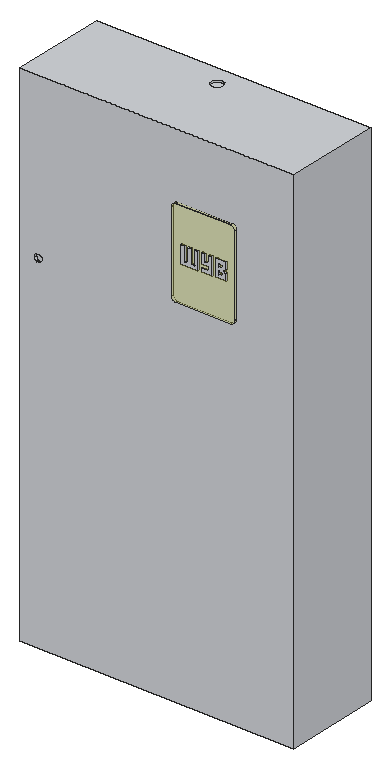
Revit family "ШУВ-М_С300_РЖ_ЮТ+ТЭН_18.03.25", category Оборудование, Revit 2020
Family settings
  Размер круглого соединителя = Использовать диаметр
  Классификация = Нет
  Тип детали = Нормальный
  На основе рабочей плоскости = Нет
  Всегда вертикально = Да
  При загрузке вырезать с полостями = Нет
  Общий = Нет
  Точка расчета площади = Нет
Parameters (values of type "ШУВ-М_С300_РЖ_ЮТ_90кВт + ТЭН 4-45кВт")
  расст замок верт = 480 mm
  Ширина [instance] = 800 mm
  Типоразмер шкафа = "Ш8"
  Расст замок = 55 mm
  Расст ПУШ от верхней стенки = 190 mm
  Расст ввод от задней стенки = 60 mm
  Расст ввод от левой стенки = 400 mm
  Расст ПУШ от левой стенки = 450 mm
  Default Elevation = 0 mm
  Description = ""
  Назв гориз ПУШ = 210 mm
  Комментарии к типоразмеру = "Ш8/DEK"
  Изготовитель = "ООО \"Плазма-Т\""
  Группа модели = "ШУВ-М"
  Глубина [instance] = 280 mm
  Высота [instance] = 1500 mm
  А = 300 mm
  URL = "https://plazma-t.ru/"
  B = 275 mm
Types (5, lengths in mm): name | расст замок верт | Ширина | Типоразмер шкафа | Расст замок | Расст ПУШ от верхней стенки | Расст ввод от левой стенки | Расст ПУШ от левой стенки | Комментарии к типоразмеру | Глубина | Высота | А | B
  ШУВ-М_С300_РЖ_ЮТ_4-15кВт + ТЭН 4-45кВт | 400 | 650 | "Ш4" | 55 | 110 | 355 | 335 | "Ш4/DEK" | 250 | 800 | 225 | 200
  ШУВ-М_С300_РЖ_ЮТ_90кВт + ТЭН 4-45кВт | 480 | 800 | "Ш8" | 55 | 190 | 400 | 450 | "Ш8/DEK" | 280 | 1500 | 300 | 275
  ШУВ-М_С300_РЖ_ЮТ_1,5-3кВт + ТЭН 4-45кВт | 300 | 500 | "Ш3" | 55 | 110 | 360 | 220 | "Ш3/DEK" | 220 | 650 | 150 | 125
  ШУВ-М_С300_РЖ_ЮТ_18,5-45кВт + ТЭН 4-45кВт | 480 | 650 | "Ш5" | 70 | 190 | 440 | 355 | "Ш5/DEK" | 300 | 1000 | 225 | 200
  ШУВ-М_С300_РЖ_ЮТ_55-75кВт + ТЭН 4-45кВт | 600 | 750 | "Ш6" | 55 | 200 | 235 | 430 | "Ш6/DEK" | 300 | 1200 | 275 | 250
Reference planes
  plane 1 "По центру (Вперед/Назад)": y = 0
  plane 2: z = 0
  plane 3 "По центру (Влево/Вправо)": x = 0
  plane 4: y = -9
Forms (mm)
  Extrusion 1, solid
    sketch origin (0, 0, 0) x (1, 0, 0) y (0, 1, 0)
      loop
        line (0, 0) -> (800, 0) -> (800, 280) -> (0, 280) -> (0, 0)
    from 0 to 1500
  Extrusion 2, solid, material "Источник света по умолчанию"
    sketch origin (0, 0, 0) x (1, 0, 0) y (0, 0, 1)
      loop
        arc (463, 1310) -> (453.808, 1306.192) -> (450, 1297) r 13
        line (450, 1297) -> (450, 1063)
        arc (450, 1063) -> (453.808, 1053.808) -> (463, 1050) r 13
        line (463, 1050) -> (621.542, 1050)
        arc (621.542, 1050) -> (630.734, 1053.808) -> (634.542, 1063) r 13
        line (634.542, 1063) -> (634.542, 1297)
        arc (634.542, 1297) -> (630.734, 1306.192) -> (621.542, 1310) r 13
        line (621.542, 1310) -> (463, 1310)
    from 0 to 9
  Extrusion 3, void
    sketch origin (0, 0, 0) x (1, 0, 0) y (0, 0, 1)
      loop
        circle (55, 1020) r 11.5
    from 10 to -5.347
  Extrusion 4, void
    sketch origin (0, 0, 1500) x (0, 1, 0) y (1, 0, 0)
      loop
        circle (220, 400) r 17
    from 0 to 3
  Extrusion 5, solid
    sketch origin (0, -9, 0) x (1, 0, 0) y (0, 0, 1)
      loop
        line (480.078, 1160) -> (530.25, 1160) -> (530.25, 1210) -> (520.25, 1210) -> (520.25, 1170) -> (510.25, 1170) -> (510.25, 1210) -> (500.25, 1210) -> (500.25, 1170) -> (490.25, 1170) -> (490.25, 1210) -> (480.078, 1210) -> (480.078, 1160)
      loop
        line (540.25, 1210) -> (540.25, 1180) -> (560.25, 1180) -> (560.25, 1170) -> (540.25, 1170) -> (540.25, 1160) -> (570.25, 1160) -> (570.25, 1210) -> (560.25, 1210) -> (560.25, 1190) -> (550.25, 1190) -> (550.25, 1210) -> (540.25, 1210)
      loop
        line (580.25, 1210) -> (580.25, 1160) -> (610.25, 1160) -> (610.25, 1180) -> (605.25, 1185) -> (610.25, 1190) -> (610.25, 1210) -> (580.25, 1210)
      loop
        line (590.25, 1170) -> (600.675, 1170) -> (600.675, 1180) -> (590.25, 1180) -> (590.25, 1170)
      loop
        line (590.675, 1200) -> (590.675, 1190) -> (600.675, 1190) -> (600.675, 1200) -> (590.675, 1200)
    from 0 to 3
  Extrusion 6, void
    sketch origin (0, 0, 0) x (1, 0, 0) y (0, 1, 0)
      loop
        circle (275, 170) r 17
      loop
        circle (325, 170) r 17
      loop
        circle (375, 170) r 17
      loop
        circle (425, 170) r 17
      loop
        circle (475, 170) r 17
      loop
        circle (300, 220) r 17
      loop
        circle (350, 220) r 17
      loop
        circle (400, 220) r 17
      loop
        circle (450, 220) r 17
      loop
        circle (500, 220) r 17
      loop
        circle (525, 170) r 17
    from 0 to 3
Cuts and joins
  Extrusion 3, Extrusion 4, Extrusion 6 cuts Extrusion 1
Dimensions and locks
  "Ширина": Extrusion 1 to Extrusion 1
  "Глубина": Extrusion 1 to Extrusion 1
  "Высота": Extrusion 1 to Extrusion 1
  Extrusion 1 to Extrusion 2 sketch curve = 190 mm
  "Расст ПУШ от верхней стенки": Extrusion 1 to Extrusion 2
  "расст замок верт": Extrusion 1 to Extrusion 3 sketch curve
  "Расст замок": Extrusion 1 to Extrusion 3 sketch curve
  "Расст ввод от левой стенки": Extrusion 4 sketch curve to cut or joined group of Extrusion 1, Extrusion 3, Extrusion 4, Extrusion 6
  "Расст ввод от задней стенки": cut or joined group of Extrusion 1, Extrusion 3, Extrusion 4, Extrusion 6 to Extrusion 4 sketch curve
  locked: Extrusion 2 sketch curve to Extrusion 2 sketch curve at 184.542
  locked: Extrusion 2 sketch curve to Extrusion 2 sketch curve at 260
  "Расст ПУШ от левой стенки": cut or joined group of Extrusion 1, Extrusion 3, Extrusion 4, Extrusion 6 to Extrusion 2 sketch curve
  cut or joined group of Extrusion 1, Extrusion 3, Extrusion 4, Extrusion 6 to cut or joined group of Extrusion 1, Extrusion 3, Extrusion 4, Extrusion 6 = 800 mm
  Extrusion 5 sketch curve to Extrusion 5 sketch curve = 50 mm
  Extrusion 5 sketch curve to Extrusion 2 = 160 mm
  Extrusion 5 sketch curve to Extrusion 5 sketch curve = 50.172 mm
  Extrusion 2 to Extrusion 5 sketch curve = 30.078 mm
  Extrusion 5 sketch curve to Extrusion 5 sketch curve = 60.172 mm
  Extrusion 5 sketch curve to Extrusion 5 sketch curve = 130.172 mm
  Extrusion 5 sketch curve to Extrusion 5 sketch curve = 30 mm  (x2)
  cut or joined group of Extrusion 1, Extrusion 3, Extrusion 4, Extrusion 6 to Extrusion 6 sketch curve = 60 mm  (x5)
  equal spacing: Extrusion 6 sketch curve, Extrusion 6 sketch curve, Extrusion 6 sketch curve, Extrusion 6 sketch curve, Extrusion 6 sketch curve
  cut or joined group of Extrusion 1, Extrusion 3, Extrusion 4, Extrusion 6 to Extrusion 6 sketch curve = 110 mm  (x6)
  equal spacing: Extrusion 6 sketch curve, Extrusion 6 sketch curve, Extrusion 6 sketch curve, Extrusion 6 sketch curve, Extrusion 6 sketch curve, Extrusion 6 sketch curve
  "А": cut or joined group of Extrusion 1, Extrusion 3, Extrusion 4, Extrusion 6 to Extrusion 6 sketch curve
  "B": cut or joined group of Extrusion 1, Extrusion 3, Extrusion 4, Extrusion 6 to Extrusion 6 sketch curve
  diameter of Extrusion 4 sketch curve = 34 mm
  aligned and locked: level to plane 2
  aligned and locked: Extrusion 1 to level
  aligned and locked: Extrusion 1 to plane 3 "По центру (Влево/Вправо)"
  aligned and locked: plane 1 "По центру (Вперед/Назад)" to Extrusion 1
Automatic sketch dimensions
  plane 3 "По центру (Влево/Вправо)" to Extrusion 1 sketch curve = 0 mm
  plane 1 "По центру (Вперед/Назад)" to Extrusion 1 sketch curve = 0 mm
  plane 3 "По центру (Влево/Вправо)" to Extrusion 1 sketch curve = 800 mm
  Extrusion 1 sketch curve to plane 1 "По центру (Вперед/Назад)" = 280 mm
  Extrusion 5 sketch curve to Extrusion 5 sketch curve = 10.172 mm
  Extrusion 5 sketch curve to Extrusion 5 sketch curve = 10 mm  (x15)
  Extrusion 5 sketch curve to Extrusion 5 sketch curve = 0 mm  (x10)
  Extrusion 5 sketch curve to Extrusion 5 sketch curve = 5 mm  (x3)
  Extrusion 5 sketch curve to Extrusion 5 sketch curve = 20 mm
  Extrusion 5 sketch curve to Extrusion 5 sketch curve = 0.425 mm
  Extrusion 5 sketch curve to Extrusion 5 sketch curve = 4.575 mm
  Extrusion 2 sketch curve to Extrusion 2 sketch curve = 13 mm  (x4)
  Extrusion 6 sketch curve to Extrusion 6 sketch curve = 50 mm  (x2)
  radius of Extrusion 3 sketch curve = 11.5 mm
  radius of Extrusion 6 sketch curve = 17 mm  (x11)
Connectors
  electrical at (400, 220, 1497)
    settings: on cut or joined group of Extrusion 1, Extrusion 3, Extrusion 4, Extrusion 6, index 1, voltage 0 V, apparent load 0 VA, apparent load phase1 0 VA, apparent load phase2 0 VA, apparent load phase3 0 VA, power factor 1, load classification "Прочее", number of poles 1, system type 30, power factor state 1, is connector primary yes, connector utility no, sub classification motor no, connector description "380В или 220В"
  electrical at (275, 170, 3)
    settings: on cut or joined group of Extrusion 1, Extrusion 3, Extrusion 4, Extrusion 6, index 2, voltage 0 V, apparent load 0 VA, apparent load phase1 0 VA, apparent load phase2 0 VA, apparent load phase3 0 VA, power factor 1, load classification "Прочее", number of poles 1, system type 11, power factor state 1, is connector primary no, connector utility no, sub classification motor no, connector description "Сухой контакт"
  electrical at (325, 170, 3)
    settings: on cut or joined group of Extrusion 1, Extrusion 3, Extrusion 4, Extrusion 6, index 3, voltage 0 V, apparent load 0 VA, apparent load phase1 0 VA, apparent load phase2 0 VA, apparent load phase3 0 VA, power factor 1, load classification "Прочее", number of poles 1, system type 11, power factor state 1, is connector primary no, connector utility no, sub classification motor no, connector description "Сухой контакт"
  electrical at (375, 170, 3)
    settings: on cut or joined group of Extrusion 1, Extrusion 3, Extrusion 4, Extrusion 6, index 4, voltage 0 V, apparent load 0 VA, apparent load phase1 0 VA, apparent load phase2 0 VA, apparent load phase3 0 VA, power factor 1, load classification "Прочее", number of poles 1, system type 11, power factor state 1, is connector primary no, connector utility no, sub classification motor no, connector description "Сухой контакт"
  electrical at (425, 170, 3)
    settings: on cut or joined group of Extrusion 1, Extrusion 3, Extrusion 4, Extrusion 6, index 5, voltage 0 V, apparent load 0 VA, apparent load phase1 0 VA, apparent load phase2 0 VA, apparent load phase3 0 VA, power factor 1, load classification "Прочее", number of poles 1, system type 30, power factor state 1, is connector primary no, connector utility no, sub classification motor no, connector description "380В или 220В"
  electrical at (475, 170, 3)
    settings: on cut or joined group of Extrusion 1, Extrusion 3, Extrusion 4, Extrusion 6, index 6, voltage 0 V, apparent load 0 VA, apparent load phase1 0 VA, apparent load phase2 0 VA, apparent load phase3 0 VA, power factor 1, load classification "Прочее", number of poles 1, system type 30, power factor state 1, is connector primary no, connector utility no, sub classification motor no, connector description "380В или 220В"
  electrical at (525, 170, 3)
    settings: on cut or joined group of Extrusion 1, Extrusion 3, Extrusion 4, Extrusion 6, index 7, voltage 0 V, apparent load 0 VA, apparent load phase1 0 VA, apparent load phase2 0 VA, apparent load phase3 0 VA, power factor 1, load classification "Прочее", number of poles 1, system type 13, power factor state 1, is connector primary no, connector utility no, sub classification motor no, connector description "Терморезистивный сигнал"
  electrical at (300, 220, 3)
    settings: on cut or joined group of Extrusion 1, Extrusion 3, Extrusion 4, Extrusion 6, index 8, voltage 0 V, apparent load 0 VA, apparent load phase1 0 VA, apparent load phase2 0 VA, apparent load phase3 0 VA, power factor 1, load classification "Прочее", number of poles 1, system type 13, power factor state 1, is connector primary no, connector utility no, sub classification motor no, connector description "Шлейф"
  electrical at (350, 220, 3)
    settings: on cut or joined group of Extrusion 1, Extrusion 3, Extrusion 4, Extrusion 6, index 9, voltage 0 V, apparent load 0 VA, apparent load phase1 0 VA, apparent load phase2 0 VA, apparent load phase3 0 VA, power factor 1, load classification "Прочее", number of poles 1, system type 13, power factor state 1, is connector primary no, connector utility no, sub classification motor no, connector description "Шлейф"
  electrical at (400, 220, 3)
    settings: on cut or joined group of Extrusion 1, Extrusion 3, Extrusion 4, Extrusion 6, index 10, voltage 0 V, apparent load 0 VA, apparent load phase1 0 VA, apparent load phase2 0 VA, apparent load phase3 0 VA, power factor 1, load classification "Прочее", number of poles 1, system type 13, power factor state 1, is connector primary no, connector utility no, sub classification motor no, connector description "Шлейф"
  electrical at (450, 220, 3)
    settings: on cut or joined group of Extrusion 1, Extrusion 3, Extrusion 4, Extrusion 6, index 11, voltage 0 V, apparent load 0 VA, apparent load phase1 0 VA, apparent load phase2 0 VA, apparent load phase3 0 VA, power factor 1, load classification "Прочее", number of poles 1, system type 13, power factor state 1, is connector primary no, connector utility no, sub classification motor no, connector description "Шлейф"
  electrical at (500, 220, 3)
    settings: on cut or joined group of Extrusion 1, Extrusion 3, Extrusion 4, Extrusion 6, index 12, voltage 0 V, apparent load 0 VA, apparent load phase1 0 VA, apparent load phase2 0 VA, apparent load phase3 0 VA, power factor 1, load classification "Прочее", number of poles 1, system type 13, power factor state 1, is connector primary no, connector utility no, sub classification motor no, connector description "Шлейф"
